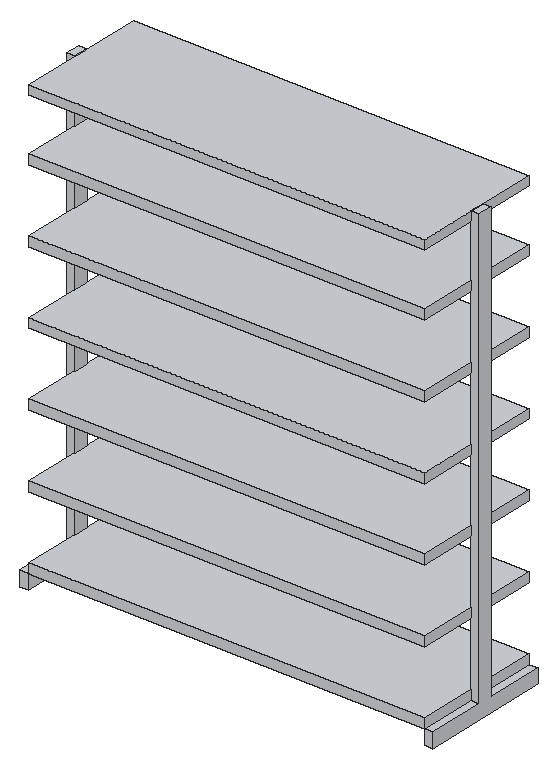
Revit family "АВЛН_Стелажи спортивного зала", category Мебель, Revit 2019
Family settings
  Номер OmniClass = 23.40.20.00
  Заголовок OmniClass = General Furniture and Specialties
  На основе рабочей плоскости = Нет
  Всегда вертикально = Да
  При загрузке вырезать с полостями = Нет
  Общий = Нет
  Точка расчета площади = Нет
Parameters (values of type "Сушка для обуви")
  Сушка обуви = yes
  Стойка для лыж = no
  Стелаж для ботинок = yes
  Описание = "Сушка для обуви (лыжные ботинки)\r\n1855х535х1690(h), мм\r\n220В/3,6кВт\r\nвместимость - 42 пары\r\nВключить дополнительные опции: система\r\nдезинфекции, система клапанов\r\nВремя сушки - 2 часа"
  Type Comments = ""
  Keynote = ""
  Manufacturer = ""
  Группа модели = "Оборудование Спортивной зоны"
  ADSK_Размер_Ширина = 535 mm
  ADSK_Размер_Длина = 1690 mm
  ADSK_Размер_Высота = 1855 mm
  ADSK_Обозначение = "DION SKY 42"
  ADSK_Масса = 0
  ADSK_Код изделия = ""
  ADSK_Единица измерения = "шт"  # constant formula
Types (4, lengths in mm): name | Стойка для лыж | Стелаж для ботинок | Описание | Manufacturer | ADSK_Размер_Ширина | ADSK_Размер_Длина | ADSK_Размер_Высота | ADSK_Обозначение
  (no name) | no | yes | "Сушка для обуви (лыжные ботинки)\r\n1855х535х1690(h), мм\r\n220В/3,6кВт\r\nвместимость - 42 пары\r\nВключить дополнительные опции: система\r\nдезинфекции, система клапанов\r\nВремя сушки - 2 часа" | "" | 535 | 1690 | 1855 | "DION SKY 42"
  Стойка для беговых лыж | yes | no | "Стойка для беговых лыж и палок атлант\r\nдвухсторонняя (на 24 пары)\r\nДлина, мм - 1400; Ширина, мм - 500; Высота, мм -\r\n1600\r\nКонструкционная сталь с порошковой окраской." | "Россия" | 500 | 1400 | 1600 | "АТЛАНТ"
  Полка для хранения лыжных ботинок | no | yes | "Полка для хранения лыжных ботинок\r\nВертикальная стойка до 30 пар.\r\nАлюминиевые трубы д25 окрашены порошковой\r\nкраской. Длинна 76 см, Ширина 40 см, Высота 141\r\nсм" | "Россия" | 400 | 760 | 1410 | ""
  Сушка для обуви | no | yes | "Сушка для обуви (лыжные ботинки)\r\n1855х535х1690(h), мм\r\n220В/3,6кВт\r\nвместимость - 42 пары\r\nВключить дополнительные опции: система\r\nдезинфекции, система клапанов\r\nВремя сушки - 2 часа" | "" | 535 | 1690 | 1855 | "DION SKY 42"
Reference planes
  plane 1 "По центру (Вперед/Назад)": y = 0
  plane 2: z = 0
  plane 3 "По центру (Влево/Вправо)": x = 0
  plane 4: z = 1855
  plane 5: y = 267.5
  plane 6: x = 845
  plane 7: x = -845
  plane 8: y = -267.5
Forms (mm)
  Extrusion 1, solid
    sketch origin (0, 0, 0) x (0, 1, 0) y (0, 0, 1)
      loop
        line (267.5, 0) -> (267.5, 60) -> (30, 60) -> (30, 1855) -> (-30, 1855) -> (-30, 60) -> (-267.5, 60) -> (-267.5, 0) -> (267.5, 0)
    from 810.106 to 845
  Extrusion 2, solid
    sketch origin (0, 0, 0) x (0, 1, 0) y (0, 0, 1)
      loop
        line (-267.5, 0) -> (267.5, 0) -> (267.5, 60) -> (30, 60) -> (30, 1855) -> (-30, 1855) -> (-30, 60) -> (-267.5, 60) -> (-267.5, 0)
    from -845 to -809.753
  Extrusion 3, solid, visible <- "Стойка для лыж"
    sketch origin (0, 0, 7) x (0, 1, 0) y (0, 0, 1)
      loop
        line (-30, 262.826) -> (-70, 262.826) -> (-70, 212.826) -> (-30, 212.826) -> (-30, 262.826)
      loop
        line (30, 262.826) -> (30, 212.826) -> (70, 212.826) -> (70, 262.826) -> (30, 262.826)
    from -845 to 845
  Extrusion 4, solid, visible <- "Стойка для лыж"
    sketch origin (0, 0, 617.174) x (0, 1, 0) y (0, 0, 1)
      loop
        line (-30, 262.826) -> (-70, 262.826) -> (-70, 212.826) -> (-30, 212.826) -> (-30, 262.826)
      loop
        line (30, 262.826) -> (30, 212.826) -> (70, 212.826) -> (70, 262.826) -> (30, 262.826)
    from -845 to 845
  Extrusion 5, solid, visible <- "Стойка для лыж"
    sketch origin (0, 0, 1177.174) x (0, 1, 0) y (0, 0, 1)
      loop
        line (-30, 262.826) -> (-70, 262.826) -> (-70, 212.826) -> (-30, 212.826) -> (-30, 262.826)
      loop
        line (30, 262.826) -> (30, 212.826) -> (70, 212.826) -> (70, 262.826) -> (30, 262.826)
    from -845 to 845
  Extrusion 6, solid, visible <- "Стелаж для ботинок"
    sketch origin (0, 0, 0) x (0, 1, 0) y (0, 0, 1)
      loop
        line (267.5, 60) -> (267.5, 100) -> (-267.5, 100) -> (-267.5, 60) -> (267.5, 60)
      loop
        line (267.5, 360) -> (267.5, 400) -> (-267.5, 400) -> (-267.5, 360) -> (267.5, 360)
      loop
        line (267.5, 660) -> (267.5, 700) -> (-267.5, 700) -> (-267.5, 660) -> (267.5, 660)
      loop
        line (267.5, 960) -> (267.5, 1000) -> (-267.5, 1000) -> (-267.5, 960) -> (267.5, 960)
      loop
        line (267.5, 1260) -> (267.5, 1300) -> (-267.5, 1300) -> (-267.5, 1260) -> (267.5, 1260)
    from -809.753 to 810.106
  Extrusion 7, solid, visible <- "Сушка обуви"
    sketch origin (0, -518.993, 612.442) x (-1, 0, 0) y (0, -1, 0)
      loop
        line (809.753, -786.493) -> (809.753, -251.493) -> (-810.106, -251.493) -> (-810.106, -786.493) -> (809.753, -786.493)
    from 947.558 to 987.558
  Extrusion 8, solid, visible <- "Сушка обуви"
    sketch origin (0, -518.993, 867.442) x (-1, 0, 0) y (0, -1, 0)
      loop
        line (809.753, -786.493) -> (809.753, -251.493) -> (-810.106, -251.493) -> (-810.106, -786.493) -> (809.753, -786.493)
    from 947.558 to 987.558
Dimensions and locks
  plane 2 to plane 4 = 1855 mm
  equal spacing: plane 8, plane 1 "По центру (Вперед/Назад)", plane 5
  equal spacing: plane 7, plane 3 "По центру (Влево/Вправо)", plane 6
  "ADSK_Размер_Длина": plane 7 to plane 6
  "ADSK_Размер_Ширина": plane 5 to plane 8
  "ADSK_Размер_Высота": plane 2 to plane 4
  Extrusion 1 sketch curve to plane 1 "По центру (Вперед/Назад)" to Extrusion 1 sketch curve = 30 mm locked, 30 mm locked
  locked: Extrusion 1 sketch curve to level at 60
  locked: Extrusion 1 sketch curve to Extrusion 1 sketch curve at 60
  locked: Extrusion 1 to plane 6 at 34.894
  Extrusion 2 sketch curve to Extrusion 2 sketch curve = 60 mm
  locked: Extrusion 2 sketch curve to Extrusion 2 sketch curve at 60
  locked: plane 7 to Extrusion 2 at 35.247
  locked: Extrusion 3 sketch curve to Extrusion 3 sketch curve at 50  (x2)
  locked: Extrusion 3 sketch curve to Extrusion 1 at 40
  locked: Extrusion 1 to Extrusion 3 sketch curve at 40
  locked: Extrusion 4 sketch curve to Extrusion 4 sketch curve at 50  (x2)
  locked: Extrusion 5 sketch curve to Extrusion 5 sketch curve at 50  (x2)
  Extrusion 5 to Extrusion 4 to Extrusion 3 to level = 560 mm locked, 610.174 mm locked, 219.826 mm locked
  Extrusion 7 to Extrusion 6 to Extrusion 6 to Extrusion 6 to Extrusion 6 to Extrusion 6 to level = 300 mm locked, 300 mm locked, 300 mm locked, 300 mm locked, 300 mm locked, 60 mm locked
  Extrusion 7 to Extrusion 7 = 40 mm
  aligned and locked: level to plane 2
  aligned and locked: Extrusion 1 sketch curve to level
  aligned and locked: Extrusion 1 sketch curve to plane 8
  aligned and locked: Extrusion 1 sketch curve to plane 5
  aligned and locked: plane 4 to Extrusion 1 sketch curve
  aligned and locked: Extrusion 1 to plane 6
  aligned and locked: Extrusion 2 sketch curve to level
  aligned and locked: plane 8 to Extrusion 2 sketch curve
  aligned and locked: plane 4 to Extrusion 2 sketch curve
  aligned and locked: plane 5 to Extrusion 2 sketch curve
  aligned and locked: Extrusion 2 to plane 7
  aligned and locked: Extrusion 3 sketch curve to Extrusion 1
  aligned and locked: Extrusion 1 to Extrusion 3 sketch curve
  aligned and locked: Extrusion 4 to Extrusion 1  (x2)
  aligned and locked: Extrusion 5 to Extrusion 1  (x2)
  aligned and locked: Extrusion 5 to plane 7
  aligned and locked: plane 6 to Extrusion 5
  aligned and locked: Extrusion 4 to plane 7
  aligned and locked: plane 6 to Extrusion 4
  aligned and locked: Extrusion 3 to plane 7
  aligned and locked: plane 6 to Extrusion 3
  aligned and locked: Extrusion 6 sketch curve to plane 8
  aligned and locked: plane 5 to Extrusion 6 sketch curve
  aligned and locked: Extrusion 6 to plane 8  (x5)
  aligned and locked: plane 5 to Extrusion 6  (x5)
  aligned and locked: Extrusion 6 to Extrusion 2
  aligned and locked: Extrusion 6 to Extrusion 1
  aligned and locked: Extrusion 7 sketch curve to Extrusion 6  (x2)
  aligned and locked: Extrusion 7 sketch curve to Extrusion 2
  aligned and locked: Extrusion 7 sketch curve to Extrusion 1
Automatic sketch dimensions
  plane 1 "По центру (Вперед/Назад)" to Extrusion 2 sketch curve = 30 mm
  level to Extrusion 2 sketch curve = 60 mm
  level to Extrusion 3 sketch curve = 219.826 mm
  Extrusion 3 sketch curve to Extrusion 3 sketch curve = 0 mm
  plane 1 "По центру (Вперед/Назад)" to Extrusion 4 sketch curve = 70 mm
  plane 1 "По центру (Вперед/Назад)" to Extrusion 4 sketch curve = 30 mm
  Extrusion 4 sketch curve to plane 1 "По центру (Вперед/Назад)" = 30 mm
  Extrusion 4 sketch curve to Extrusion 4 sketch curve = 40 mm
  level to Extrusion 4 sketch curve = 830 mm
  Extrusion 4 sketch curve to Extrusion 4 sketch curve = 0 mm
  plane 1 "По центру (Вперед/Назад)" to Extrusion 5 sketch curve = 70 mm
  plane 1 "По центру (Вперед/Назад)" to Extrusion 5 sketch curve = 30 mm
  Extrusion 5 sketch curve to plane 1 "По центру (Вперед/Назад)" = 30 mm
  Extrusion 5 sketch curve to Extrusion 5 sketch curve = 40 mm
  plane 4 to Extrusion 5 sketch curve = 465 mm
  Extrusion 5 sketch curve to Extrusion 5 sketch curve = 0 mm
  Extrusion 6 sketch curve to plane 8 = 0 mm  (x4)
  Extrusion 6 sketch curve to plane 5 = 0 mm  (x4)
  level to Extrusion 6 sketch curve = 60 mm
  Extrusion 6 sketch curve to Extrusion 6 sketch curve = 40 mm  (x5)
  Extrusion 6 sketch curve to Extrusion 6 sketch curve = 260 mm  (x4)
  plane 5 to Extrusion 8 sketch curve = 0 mm
  plane 8 to Extrusion 8 sketch curve = 0 mm
  Extrusion 8 sketch curve to plane 6 = 34.894 mm
  plane 7 to Extrusion 8 sketch curve = 35.247 mm
